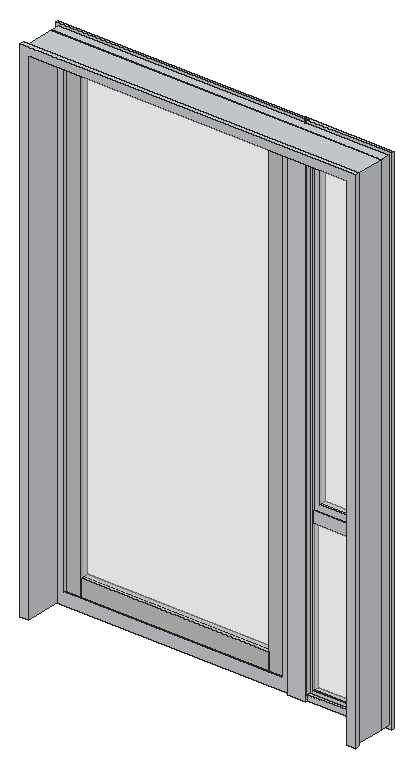
Revit family "APL Residential Thermal Heart Hinged Door with Sidelight", category Doors, host Wall, Revit 2017 (continued)
Definition of nested family "APL Residential Thermal Heart Sidelight Vertical Section"
  Definition of nested family "Frame Sash"
    Definition of nested family "65000_Frame"
      Lines and regions (mm)
        detail lines, in view "Ref. Level"
          curve 292: arc (-14.295, -0.043, 0) -> (-14.361, -0.181, 0) -> (-14.487, -0.268, 0) r 0.3
          curve 293: arc (0.482, -10.144, 0) -> (0.172, -10.004, 0) -> (0.009, -10.303, 0) r 0.25
          curve 294: arc (0.036, -20.191, 0) -> (0.198, -20.491, 0) -> (0.508, -20.351, 0) r 0.25
          curve 295: line (0.009, -10.303, 0) -> (1.003, -14.171, 0)
          curve 296: line (1.003, -14.171, 0) -> (0, -14.75, 0)
          curve 297: line (0, -14.75, 0) -> (0, -15.75, 0)
          curve 298: line (0, -15.75, 0) -> (1.025, -16.342, 0)
          curve 299: line (1.025, -16.342, 0) -> (0.036, -20.191, 0)
          curve 300: line (0.508, -20.351, 0) -> (2.232, -16.25, 0)
          curve 301: line (2.232, -16.25, 0) -> (3.5, -16.25, 0)
          curve 302: line (3.5, -16.25, 0) -> (3.5, -17.5, 0)
          curve 303: line (3.5, -17.5, 0) -> (4.5, -17.5, 0)
          curve 304: line (4.5, -17.5, 0) -> (4.5, -13, 0)
          curve 305: line (4.5, -13, 0) -> (3.5, -13, 0)
          curve 306: line (3.5, -13, 0) -> (3.5, -14.25, 0)
          curve 307: line (3.5, -14.25, 0) -> (2.208, -14.25, 0)
          curve 308: line (2.208, -14.25, 0) -> (0.482, -10.144, 0)
        detail lines, in view "Ref. Level", not visible
          curve 309: arc (33.161, -9.933, 0) -> (32.851, -9.793, 0) -> (32.689, -10.092, 0) r 0.25
          curve 310: arc (32.715, -19.98, 0) -> (32.877, -20.279, 0) -> (33.188, -20.139, 0) r 0.25
          curve 311: line (32.689, -10.092, 0) -> (33.683, -13.959, 0)
          curve 312: line (33.683, -13.959, 0) -> (32.679, -14.539, 0)
          curve 313: line (32.679, -14.539, 0) -> (32.679, -15.539, 0)
          curve 314: line (32.679, -15.539, 0) -> (33.705, -16.131, 0)
          curve 315: line (33.705, -16.131, 0) -> (32.715, -19.98, 0)
          curve 316: line (33.188, -20.139, 0) -> (34.912, -16.039, 0)
          curve 317: line (34.912, -16.039, 0) -> (36.179, -16.039, 0)
          curve 318: line (36.179, -16.039, 0) -> (36.179, -17.289, 0)
          curve 319: line (36.179, -17.289, 0) -> (37.179, -17.289, 0)
          curve 320: line (37.179, -17.289, 0) -> (37.179, -12.789, 0)
          curve 321: line (37.179, -12.789, 0) -> (36.179, -12.789, 0)
          curve 322: line (36.179, -12.789, 0) -> (36.179, -14.039, 0)
          curve 323: line (36.179, -14.039, 0) -> (34.887, -14.039, 0)
          curve 324: line (34.887, -14.039, 0) -> (33.161, -9.933, 0)
      Text (mm)
        text "65000" at (-42.674, -12.336, 0), in view "Ref. Level"
    Definition of nested family "65720_Sash"
      Reference planes
        plane 1 "Center (Front/Back)": y = 0
        plane 2: z = 0
        plane 3 "Center (Left/Right)": x = 0
      Lines and regions (mm)
        detail lines, in view "Ref. Level"
          curve 1: arc (-0.482, 17.85, 0) -> (-0.172, 17.71, 0) -> (-0.009, 18.009, 0) r 0.25
          curve 2: arc (-0.036, 27.897, 0) -> (-0.198, 28.196, 0) -> (-0.508, 28.056, 0) r 0.25
          curve 3: line (-0.009, 18.009, 0) -> (-1.003, 21.876, 0)
          curve 4: line (-1.003, 21.876, 0) -> (0, 22.455, 0)
          curve 5: line (0, 22.455, 0) -> (0, 23.455, 0)
          curve 6: line (0, 23.455, 0) -> (-1.025, 24.047, 0)
          curve 7: line (-1.025, 24.047, 0) -> (-0.036, 27.897, 0)
          curve 8: line (-0.508, 28.056, 0) -> (-2.232, 23.955, 0)
          curve 9: line (-2.232, 23.955, 0) -> (-3.5, 23.955, 0)
          curve 10: line (-3.5, 23.955, 0) -> (-3.5, 25.205, 0)
          curve 11: line (-3.5, 25.205, 0) -> (-4.5, 25.205, 0)
          curve 12: line (-4.5, 25.205, 0) -> (-4.5, 20.705, 0)
          curve 13: line (-4.5, 20.705, 0) -> (-3.5, 20.705, 0)
          curve 14: line (-3.5, 20.705, 0) -> (-3.5, 21.955, 0)
          curve 15: line (-3.5, 21.955, 0) -> (-2.208, 21.955, 0)
          curve 16: line (-2.208, 21.955, 0) -> (-0.482, 17.85, 0)
        detail lines, in view "Ref. Level", not visible
          curve 17: arc (33.161, -9.933, 0) -> (32.851, -9.793, 0) -> (32.689, -10.092, 0) r 0.25
          curve 18: arc (32.715, -19.98, 0) -> (32.877, -20.279, 0) -> (33.188, -20.139, 0) r 0.25
          curve 19: line (32.689, -10.092, 0) -> (33.683, -13.959, 0)
          curve 20: line (33.683, -13.959, 0) -> (32.679, -14.539, 0)
          curve 21: line (32.679, -14.539, 0) -> (32.679, -15.539, 0)
          curve 22: line (32.679, -15.539, 0) -> (33.705, -16.131, 0)
          curve 23: line (33.705, -16.131, 0) -> (32.715, -19.98, 0)
          curve 24: line (33.188, -20.139, 0) -> (34.912, -16.039, 0)
          curve 25: line (34.912, -16.039, 0) -> (36.179, -16.039, 0)
          curve 26: line (36.179, -16.039, 0) -> (36.179, -17.289, 0)
          curve 27: line (36.179, -17.289, 0) -> (37.179, -17.289, 0)
          curve 28: line (37.179, -17.289, 0) -> (37.179, -12.789, 0)
          curve 29: line (37.179, -12.789, 0) -> (36.179, -12.789, 0)
          curve 30: line (36.179, -12.789, 0) -> (36.179, -14.039, 0)
          curve 31: line (36.179, -14.039, 0) -> (34.887, -14.039, 0)
          curve 32: line (34.887, -14.039, 0) -> (33.161, -9.933, 0)
        model lines, in view "Ref. Level"
          curve 33: arc (17.915, 0.146, 0) -> (17.978, 0, 0) -> (17.915, -0.146, 0) r 0.2
          curve 34: arc (17.915, -0.146, 0) -> (17.682, -0.477, 0) -> (17.6, -0.874, 0) r 1
          curve 35: arc (17.6, -2.45, 0) -> (17.728, -2.668, 0) -> (17.98, -2.663, 0) r 0.25
          curve 36: arc (18.066, -2.611, 0) -> (18.172, -2.479, 0) -> (18.169, -2.309, 0) r 0.25
          curve 37: arc (19.422, -1.544, 0) -> (19.498, -1.511, 0) -> (19.579, -1.5, 0) r 0.3
          curve 38: arc (20.1, -1.5, 0) -> (20.258, -1.578, 0) -> (20.294, -1.75, 0) r 0.2
          curve 39: arc (20.1, -5.753, 0) -> (20.126, -5.875, 0) -> (20.2, -5.976, 0) r 0.3
          curve 40: arc (20.2, -5.976, 0) -> (20.28, -6.307, 0) -> (20, -6.5, 0) r 0.3
          curve 41: arc (17.779, -5.957, 0) -> (17.69, -5.905, 0) -> (17.638, -5.816, 0) r 0.2
          curve 42: arc (17.593, -5.648, 0) -> (17.452, -5.507, 0) -> (17.259, -5.559, 0) r 0.2
          curve 43: arc (16.895, -5.922, 0) -> (16.835, -6.008, 0) -> (16.808, -6.108, 0) r 0.3
          curve 44: arc (16.601, -8.474, 0) -> (16.717, -8.738, 0) -> (17.003, -8.782, 0) r 0.3
          curve 45: arc (18.413, -8.268, 0) -> (18.539, -8.181, 0) -> (18.605, -8.043, 0) r 0.3
          curve 46: arc (18.605, -8.043, 0) -> (18.878, -7.801, 0) -> (19.183, -8, 0) r 0.3
          curve 47: arc (38.5, -8, 0) -> (38.855, -8.145, 0) -> (39, -8.5, 0) r 0.496
          curve 48: arc (37.5, -13.6, 0) -> (36.793, -13.893, 0) -> (36.5, -14.6, 0) r 1
          curve 49: arc (36.5, -15.098, 0) -> (37, -15.599, 0) -> (37.5, -15.099, 0) r 0.5
          curve 50: arc (39.4, -19.8, 0) -> (39.1, -20.1, 0) -> (39.4, -20.4, 0) r 0.3
          curve 51: arc (37.5, -24.002, 0) -> (37.354, -23.647, 0) -> (37, -23.5, 0) r 0.5
          curve 52: arc (36.001, -23.5, 0) -> (35.859, -23.441, 0) -> (35.8, -23.3, 0) r 0.2
          curve 53: arc (35.8, -23.308, 0) -> (35.697, -23.003, 0) -> (35.429, -22.825, 0) r 0.5
          curve 54: arc (34.552, -22.589, 0) -> (34.378, -22.624, 0) -> (34.3, -22.783, 0) r 0.2
          curve 55: arc (34.52, -24.835, 0) -> (34.588, -24.953, 0) -> (34.717, -25, 0) r 0.2
          curve 56: arc (36, -26.8, 0) -> (36.059, -26.941, 0) -> (36.2, -27, 0) r 0.2
          curve 57: arc (40.6, -27, 0) -> (40.741, -26.941, 0) -> (40.8, -26.8, 0) r 0.2
          curve 58: arc (40.8, 9.2, 0) -> (40.2, 9.801, 0) -> (39.6, 9.2, 0) r 0.6
          curve 59: arc (34.719, 4.17, 0) -> (34.38, 4.303, 0) -> (34.221, 4.63, 0) r 0.5
          curve 60: arc (34.221, 4.63, 0) -> (34.008, 5.519, 0) -> (33.531, 6.299, 0) r 2.93
          curve 61: arc (33.531, 6.299, 0) -> (33.518, 6.54, 0) -> (33.747, 6.618, 0) r 0.2
          curve 62: arc (33.747, 6.618, 0) -> (34.115, 6.712, 0) -> (34.181, 7.087, 0) r 0.35
          curve 63: arc (34.181, 7.087, 0) -> (33.629, 7.751, 0) -> (32.801, 8, 0) r 1.498
          curve 64: arc (19.183, 8, 0) -> (18.878, 7.801, 0) -> (18.605, 8.043, 0) r 0.3
          curve 65: arc (18.605, 8.043, 0) -> (18.539, 8.181, 0) -> (18.413, 8.268, 0) r 0.3
          curve 66: arc (17.003, 8.782, 0) -> (16.717, 8.738, 0) -> (16.601, 8.474, 0) r 0.3
          curve 67: arc (16.808, 6.108, 0) -> (16.835, 6.008, 0) -> (16.895, 5.922, 0) r 0.3
          curve 68: arc (17.259, 5.559, 0) -> (17.452, 5.507, 0) -> (17.593, 5.648, 0) r 0.2
          curve 69: arc (17.638, 5.816, 0) -> (17.69, 5.905, 0) -> (17.779, 5.957, 0) r 0.2
          curve 70: arc (20, 6.5, 0) -> (20.28, 6.307, 0) -> (20.2, 5.976, 0) r 0.3
          curve 71: arc (20.2, 5.976, 0) -> (20.126, 5.875, 0) -> (20.1, 5.753, 0) r 0.3
          curve 72: arc (20.294, 1.75, 0) -> (20.258, 1.578, 0) -> (20.1, 1.5, 0) r 0.2
          curve 73: arc (19.579, 1.5, 0) -> (19.498, 1.511, 0) -> (19.423, 1.544, 0) r 0.3
          curve 74: arc (18.169, 2.309, 0) -> (18.172, 2.479, 0) -> (18.066, 2.611, 0) r 0.25
          curve 75: arc (17.98, 2.663, 0) -> (17.728, 2.668, 0) -> (17.6, 2.45, 0) r 0.25
          curve 76: arc (17.6, 0.874, 0) -> (17.682, 0.477, 0) -> (17.915, 0.146, 0) r 1
          curve 77: arc (28.892, 6.6, 0) -> (29.073, 6.485, 0) -> (29.046, 6.272, 0) r 0.2
          curve 78: arc (29.046, 6.272, 0) -> (28.37, 4.41, 0) -> (29.034, 2.543, 0) r 2.93
          curve 79: arc (29.034, 2.543, 0) -> (30.019, 2.445, 0) -> (30.116, 3.43, 0) r 0.7
          curve 80: arc (30.116, 3.43, 0) -> (29.77, 4.4, 0) -> (30.116, 5.37, 0) r 1.53
          curve 81: arc (30.116, 5.37, 0) -> (30.208, 5.514, 0) -> (30.262, 5.676, 0) r 0.7
          curve 82: arc (30.262, 5.676, 0) -> (30.359, 5.888, 0) -> (30.541, 6.032, 0) r 0.5
          curve 83: arc (30.541, 6.032, 0) -> (31.3, 6.2, 0) -> (32.059, 6.032, 0) r 1.8
          curve 84: arc (32.059, 6.032, 0) -> (32.241, 5.888, 0) -> (32.338, 5.676, 0) r 0.5
          curve 85: arc (32.338, 5.676, 0) -> (32.392, 5.514, 0) -> (32.484, 5.37, 0) r 0.7
          curve 86: arc (32.484, 5.37, 0) -> (32.83, 4.4, 0) -> (32.484, 3.43, 0) r 1.53
          curve 87: arc (32.484, 3.43, 0) -> (32.581, 2.445, 0) -> (33.566, 2.543, 0) r 0.7
          curve 88: arc (33.566, 2.543, 0) -> (33.647, 2.645, 0) -> (33.722, 2.751, 0) r 2.93
          curve 89: arc (33.722, 2.751, 0) -> (33.902, 2.912, 0) -> (34.135, 2.97, 0) r 0.5
          curve 90: arc (38.899, 2.97, 0) -> (39.253, 2.824, 0) -> (39.4, 2.47, 0) r 0.5
          curve 91: arc (39.4, -6.3, 0) -> (39.254, -6.654, 0) -> (38.9, -6.8, 0) r 0.5
          curve 92: arc (22.502, -6.8, 0) -> (22.147, -6.654, 0) -> (22, -6.3, 0) r 0.5
          curve 93: line (17.6, -0.874, 0) -> (17.6, -2.45, 0)
          curve 94: line (18.169, -2.309, 0) -> (19.422, -1.544, 0)
          curve 95: line (19.422, -1.544, 0) -> (20.1, -1.5, 0)
          curve 96: line (20.294, -1.75, 0) -> (20.106, -2.475, 0)
          curve 97: line (20.106, -2.475, 0) -> (20.1, -5.753, 0)
          curve 98: line (19.846, -6.5, 0) -> (17.779, -5.957, 0)
          curve 99: line (17.779, -5.957, 0) -> (17.593, -5.648, 0)
          curve 100: line (17.259, -5.559, 0) -> (16.895, -5.922, 0)
          curve 101: line (16.808, -6.108, 0) -> (16.601, -8.474, 0)
          curve 102: line (17.003, -8.782, 0) -> (18.413, -8.268, 0)
          curve 103: line (19.183, -8, 0) -> (38.5, -8, 0)
          curve 104: line (39, -8.5, 0) -> (39, -13.6, 0)
          curve 105: line (39, -13.6, 0) -> (37.5, -13.6, 0)
          curve 106: line (36.5, -14.6, 0) -> (36.5, -15.098, 0)
          curve 107: line (37.5, -15.099, 0) -> (37.5, -14.6, 0)
          curve 108: line (37.5, -14.6, 0) -> (39.4, -14.6, 0)
          curve 109: line (39.4, -14.6, 0) -> (39.4, -19.8, 0)
          curve 110: line (39.4, -20.4, 0) -> (39.4, -25.6, 0)
          curve 111: line (39.4, -25.6, 0) -> (37.5, -25.6, 0)
          curve 112: line (37.5, -25.6, 0) -> (37.5, -24.002, 0)
          curve 113: line (37, -23.5, 0) -> (36.001, -23.5, 0)
          curve 114: line (35.429, -22.825, 0) -> (34.552, -22.589, 0)
          curve 115: line (34.3, -22.783, 0) -> (34.3, -23.589, 0)
          curve 116: line (34.3, -23.589, 0) -> (34.52, -24.835, 0)
          curve 117: line (34.717, -25, 0) -> (36, -25, 0)
          curve 118: line (36, -25, 0) -> (36, -26.8, 0)
          curve 119: line (36.2, -27, 0) -> (40.6, -27, 0)
          curve 120: line (40.8, -26.8, 0) -> (40.8, 9.2, 0)
          curve 121: line (39.6, 9.2, 0) -> (39.6, 4.17, 0)
          curve 122: line (39.6, 4.17, 0) -> (34.719, 4.17, 0)
          curve 123: line (32.801, 8, 0) -> (24.7, 8, 0)
          curve 124: line (24.7, 8, 0) -> (24.3, 7.6, 0)
          curve 125: line (24.3, 7.6, 0) -> (23.9, 8, 0)
          curve 126: line (23.9, 8, 0) -> (19.183, 8, 0)
          curve 127: line (18.413, 8.268, 0) -> (17.003, 8.782, 0)
          curve 128: line (16.601, 8.474, 0) -> (16.808, 6.108, 0)
          curve 129: line (16.895, 5.922, 0) -> (17.259, 5.559, 0)
          curve 130: line (17.593, 5.648, 0) -> (17.638, 5.816, 0)
          curve 131: line (17.638, 5.816, 0) -> (19.768, 6.49, 0)
          curve 132: line (19.768, 6.49, 0) -> (20, 6.5, 0)
          curve 133: line (20.1, 5.753, 0) -> (20.1, 2.525, 0)
          curve 134: line (20.1, 2.525, 0) -> (20.294, 1.75, 0)
          curve 135: line (20.1, 1.5, 0) -> (19.579, 1.5, 0)
          curve 136: line (19.579, 1.5, 0) -> (18.169, 2.309, 0)
          curve 137: line (17.6, 2.45, 0) -> (17.6, 0.874, 0)
          curve 138: line (22.5, 6.6, 0) -> (28.892, 6.6, 0)
          curve 139: line (34.135, 2.97, 0) -> (38.899, 2.97, 0)
          curve 140: line (39.4, 2.47, 0) -> (39.4, -6.3, 0)
          curve 141: line (38.9, -6.8, 0) -> (22.502, -6.8, 0)
          curve 142: line (22, -6.3, 0) -> (22, 6.1, 0)
          curve 143: arc (22, 6.1, 0) -> (22.146, 6.454, 0) -> (22.5, 6.6, 0) r 0.5
          curve 144: arc (12.714, 14.359, 0) -> (13.138, 14.183, 0) -> (13.314, 13.759, 0) r 0.6
          curve 145: arc (13.633, 5.978, 0) -> (13.937, 5.291, 0) -> (14.633, 5.009, 0) r 1
          curve 146: arc (17.054, 5.009, 0) -> (17.364, 5.05, 0) -> (17.654, 5.17, 0) r 1.2
          curve 147: arc (19.714, 6.209, 0) -> (19.996, 6.092, 0) -> (20.114, 5.809, 0) r 0.4
          curve 148: arc (20.014, 4.834, 0) -> (19.955, 4.693, 0) -> (19.814, 4.634, 0) r 0.2
          curve 149: arc (19.617, 4.653, 0) -> (19.041, 4.615, 0) -> (18.764, 4.109, 0) r 0.6
          curve 150: arc (18.764, 4.109, 0) -> (19.041, 3.603, 0) -> (19.617, 3.565, 0) r 0.6
          curve 151: arc (19.814, 3.584, 0) -> (19.955, 3.525, 0) -> (20.014, 3.384, 0) r 0.2
          curve 152: arc (20.114, 2.409, 0) -> (19.996, 2.126, 0) -> (19.714, 2.009, 0) r 0.4
          curve 153: arc (17.654, 3.048, 0) -> (17.364, 3.168, 0) -> (17.054, 3.209, 0) r 1.2
          curve 154: arc (8.374, 3.209, 0) -> (8.063, 3.168, 0) -> (7.774, 3.048, 0) r 1.2
          curve 155: arc (5.714, 2.009, 0) -> (5.431, 2.126, 0) -> (5.314, 2.409, 0) r 0.4
          curve 156: arc (5.414, 3.384, 0) -> (5.472, 3.525, 0) -> (5.614, 3.584, 0) r 0.2
          curve 157: arc (5.81, 3.565, 0) -> (6.386, 3.603, 0) -> (6.664, 4.109, 0) r 0.6
          curve 158: arc (6.664, 4.109, 0) -> (6.386, 4.615, 0) -> (5.81, 4.653, 0) r 0.6
          curve 159: arc (5.614, 4.634, 0) -> (5.472, 4.693, 0) -> (5.414, 4.834, 0) r 0.2
          curve 160: arc (5.314, 5.809, 0) -> (5.431, 6.092, 0) -> (5.714, 6.209, 0) r 0.4
          curve 161: arc (7.774, 5.17, 0) -> (8.063, 5.05, 0) -> (8.374, 5.009, 0) r 1.2
          curve 162: arc (10.794, 5.009, 0) -> (11.49, 5.291, 0) -> (11.794, 5.978, 0) r 1
          curve 163: line (13.314, 13.759, 0) -> (13.633, 5.978, 0)
          curve 164: line (14.633, 5.009, 0) -> (16.946, 5.009, 0)
          curve 165: line (17.654, 5.17, 0) -> (18.414, 5.609, 0)
          curve 166: line (18.414, 5.609, 0) -> (19.407, 6.182, 0)
          curve 167: line (19.407, 6.182, 0) -> (19.714, 6.209, 0)
          curve 168: line (20.114, 5.809, 0) -> (20.114, 5.309, 0)
          curve 169: line (20.114, 5.309, 0) -> (20.014, 4.834, 0)
          curve 170: line (20.014, 3.384, 0) -> (20.014, 3.009, 0)
          curve 171: line (20.014, 3.009, 0) -> (20.114, 2.409, 0)
          curve 172: line (19.714, 2.009, 0) -> (19.507, 2.009, 0)
          curve 173: line (19.507, 2.009, 0) -> (18.414, 2.609, 0)
          curve 174: line (18.414, 2.609, 0) -> (17.654, 3.048, 0)
          curve 175: line (16.946, 3.209, 0) -> (12.714, 3.209, 0)
          curve 176: line (12.714, 3.209, 0) -> (8.374, 3.209, 0)
          curve 177: line (7.774, 3.048, 0) -> (6.02, 2.036, 0)
          curve 178: line (6.02, 2.036, 0) -> (5.714, 2.009, 0)
          curve 179: line (5.314, 2.409, 0) -> (5.314, 2.909, 0)
          curve 180: line (5.314, 2.909, 0) -> (5.414, 3.384, 0)
          curve 181: line (5.414, 4.834, 0) -> (5.414, 5.209, 0)
          curve 182: line (5.414, 5.209, 0) -> (5.314, 5.809, 0)
          curve 183: line (5.714, 6.209, 0) -> (5.92, 6.209, 0)
          curve 184: line (5.92, 6.209, 0) -> (7.774, 5.17, 0)
          curve 185: line (8.374, 5.009, 0) -> (10.794, 5.009, 0)
          curve 186: line (11.794, 5.978, 0) -> (12.114, 13.768, 0)
          curve 187: arc (12.114, 13.768, 0) -> (12.293, 14.187, 0) -> (12.714, 14.359, 0) r 0.6
          curve 188: arc (5.3, -2.4, 0) -> (5.417, -2.117, 0) -> (5.7, -2, 0) r 0.4
          curve 189: arc (5.993, -2, 0) -> (6.096, -2.014, 0) -> (6.193, -2.054, 0) r 0.4
          curve 190: arc (7.721, -2.939, 0) -> (8.011, -3.059, 0) -> (8.322, -3.1, 0) r 1.2
          curve 191: arc (9.245, -3.1, 0) -> (9.818, -3.281, 0) -> (10.184, -3.758, 0) r 1
          curve 192: arc (10.977, -5.937, 0) -> (11.124, -6.128, 0) -> (11.353, -6.2, 0) r 0.4
          curve 193: arc (14.047, -6.2, 0) -> (14.276, -6.128, 0) -> (14.423, -5.937, 0) r 0.4
          curve 194: arc (15.216, -3.758, 0) -> (15.582, -3.281, 0) -> (16.155, -3.1, 0) r 1
          curve 195: arc (17.078, -3.1, 0) -> (17.389, -3.059, 0) -> (17.679, -2.939, 0) r 1.2
          curve 196: arc (19.207, -2.054, 0) -> (19.304, -2.014, 0) -> (19.407, -2, 0) r 0.4
          curve 197: arc (19.7, -2, 0) -> (19.983, -2.117, 0) -> (20.1, -2.4, 0) r 0.4
          curve 198: arc (20.1, -5.8, 0) -> (19.983, -6.083, 0) -> (19.7, -6.2, 0) r 0.4
          curve 199: arc (19.407, -6.2, 0) -> (19.304, -6.186, 0) -> (19.207, -6.146, 0) r 0.4
          curve 200: arc (17.679, -5.261, 0) -> (17.385, -5.14, 0) -> (17.07, -5.1, 0) r 1.2
          curve 201: arc (17.07, -5.1, 0) -> (16.895, -5.153, 0) -> (16.784, -5.297, 0) r 0.3
          curve 202: arc (15.896, -7.737, 0) -> (15.749, -7.928, 0) -> (15.52, -8, 0) r 0.4
          curve 203: arc (9.88, -8, 0) -> (9.651, -7.928, 0) -> (9.504, -7.737, 0) r 0.4
          curve 204: arc (8.616, -5.297, 0) -> (8.505, -5.153, 0) -> (8.33, -5.1, 0) r 0.3
          curve 205: arc (8.33, -5.1, 0) -> (8.015, -5.14, 0) -> (7.721, -5.261, 0) r 1.2
          curve 206: arc (6.193, -6.146, 0) -> (6.096, -6.186, 0) -> (5.993, -6.2, 0) r 0.4
          curve 207: arc (5.7, -6.2, 0) -> (5.417, -6.083, 0) -> (5.3, -5.8, 0) r 0.4
          curve 208: line (5.7, -2, 0) -> (5.993, -2, 0)
          curve 209: line (6.193, -2.054, 0) -> (7.721, -2.939, 0)
          curve 210: line (8.322, -3.1, 0) -> (9.245, -3.1, 0)
          curve 211: line (10.184, -3.758, 0) -> (10.977, -5.937, 0)
          curve 212: line (11.353, -6.2, 0) -> (14.047, -6.2, 0)
          curve 213: line (14.423, -5.937, 0) -> (15.216, -3.758, 0)
          curve 214: line (16.155, -3.1, 0) -> (17.078, -3.1, 0)
          curve 215: line (17.679, -2.939, 0) -> (19.207, -2.054, 0)
          curve 216: line (19.407, -2, 0) -> (19.7, -2, 0)
          curve 217: line (20.1, -2.4, 0) -> (20.1, -5.8, 0)
          curve 218: line (19.7, -6.2, 0) -> (19.407, -6.2, 0)
          curve 219: line (19.207, -6.146, 0) -> (17.679, -5.261, 0)
          curve 220: line (16.784, -5.297, 0) -> (15.896, -7.737, 0)
          curve 221: line (15.52, -8, 0) -> (9.88, -8, 0)
          curve 222: line (9.504, -7.737, 0) -> (8.616, -5.297, 0)
          curve 223: line (7.721, -5.261, 0) -> (6.193, -6.146, 0)
          curve 224: line (5.993, -6.2, 0) -> (5.7, -6.2, 0)
          curve 225: line (5.3, -5.8, 0) -> (5.3, -2.4, 0)
          curve 226: arc (7.8, -0.874, 0) -> (7.718, -0.477, 0) -> (7.485, -0.146, 0) r 1
          curve 227: arc (7.485, -0.146, 0) -> (7.422, 0, 0) -> (7.485, 0.146, 0) r 0.2
          curve 228: arc (7.485, 0.146, 0) -> (7.718, 0.477, 0) -> (7.8, 0.874, 0) r 1
          curve 229: arc (7.8, 2.449, 0) -> (7.673, 2.668, 0) -> (7.42, 2.663, 0) r 0.25
          curve 230: arc (7.334, 2.611, 0) -> (7.228, 2.479, 0) -> (7.231, 2.309, 0) r 0.25
          curve 231: arc (5.977, 1.544, 0) -> (5.902, 1.511, 0) -> (5.821, 1.5, 0) r 0.3
          curve 232: arc (5.3, 1.5, 0) -> (5.142, 1.578, 0) -> (5.106, 1.75, 0) r 0.2
          curve 233: arc (5.3, 5.753, 0) -> (5.274, 5.875, 0) -> (5.2, 5.976, 0) r 0.3
          curve 234: arc (5.2, 5.976, 0) -> (5.12, 6.307, 0) -> (5.4, 6.5, 0) r 0.3
          curve 235: arc (7.621, 5.957, 0) -> (7.71, 5.905, 0) -> (7.762, 5.816, 0) r 0.2
          curve 236: arc (7.807, 5.648, 0) -> (7.948, 5.507, 0) -> (8.141, 5.559, 0) r 0.2
          curve 237: arc (8.505, 5.922, 0) -> (8.565, 6.008, 0) -> (8.592, 6.108, 0) r 0.3
          curve 238: arc (8.799, 8.474, 0) -> (8.683, 8.738, 0) -> (8.397, 8.782, 0) r 0.3
          curve 239: arc (6.987, 8.268, 0) -> (6.861, 8.181, 0) -> (6.795, 8.043, 0) r 0.3
          curve 240: arc (6.795, 8.043, 0) -> (6.522, 7.801, 0) -> (6.217, 8, 0) r 0.3
          curve 241: arc (-3.3, 8, 0) -> (-4.007, 8.293, 0) -> (-4.3, 9, 0) r 1
          curve 242: arc (-4.3, 18.8, 0) -> (-4.241, 18.941, 0) -> (-4.1, 19, 0) r 0.2
          curve 243: arc (-3.2, 19, 0) -> (-2.493, 19.293, 0) -> (-2.2, 20, 0) r 1
          curve 244: arc (-2.2, 20.751, 0) -> (-2.7, 21.252, 0) -> (-3.2, 20.751, 0) r 0.5
          curve 245: arc (-3.2, 24.751, 0) -> (-2.7, 24.249, 0) -> (-2.2, 24.751, 0) r 0.5
          curve 246: arc (-2.2, 25.501, 0) -> (-2.493, 26.207, 0) -> (-3.199, 26.5, 0) r 0.999
          curve 247: arc (-4.7, 26.5, 0) -> (-5.407, 26.207, 0) -> (-5.7, 25.5, 0) r 1
          curve 248: arc (-5.7, -14.454, 0) -> (-5.548, -15.22, 0) -> (-5.114, -15.869, 0) r 2
          curve 249: arc (5.959, -26.941, 0) -> (6.177, -26.985, 0) -> (6.3, -26.8, 0) r 0.2
          curve 250: arc (6.3, -22.85, 0) -> (6.241, -22.709, 0) -> (6.1, -22.65, 0) r 0.2
          curve 251: arc (5.501, -22.65, 0) -> (5.359, -22.708, 0) -> (5.3, -22.85, 0) r 0.2
          curve 252: arc (5.3, -23.2, 0) -> (5.241, -23.341, 0) -> (5.1, -23.4, 0) r 0.201
          curve 253: arc (4.497, -23.4, 0) -> (4.357, -23.341, 0) -> (4.3, -23.2, 0) r 0.198
          curve 254: arc (4.3, -20.1, 0) -> (4.358, -19.96, 0) -> (4.497, -19.9, 0) r 0.2
          curve 255: arc (5.1, -19.9, 0) -> (5.241, -19.959, 0) -> (5.3, -20.1, 0) r 0.2
          curve 256: arc (5.3, -20.45, 0) -> (5.359, -20.591, 0) -> (5.5, -20.65, 0) r 0.2
          curve 257: arc (6.1, -20.65, 0) -> (6.241, -20.591, 0) -> (6.3, -20.45, 0) r 0.2
          curve 258: arc (6.3, -19.092, 0) -> (6.244, -18.951, 0) -> (6.1, -18.9, 0) r 0.184
          curve 259: arc (6.217, -8, 0) -> (6.522, -7.801, 0) -> (6.795, -8.043, 0) r 0.3
          curve 260: arc (6.795, -8.043, 0) -> (6.861, -8.181, 0) -> (6.987, -8.268, 0) r 0.3
          curve 261: arc (8.397, -8.782, 0) -> (8.683, -8.738, 0) -> (8.799, -8.474, 0) r 0.3
          curve 262: arc (8.592, -6.108, 0) -> (8.565, -6.008, 0) -> (8.505, -5.922, 0) r 0.3
          curve 263: arc (8.141, -5.559, 0) -> (7.948, -5.507, 0) -> (7.807, -5.648, 0) r 0.2
          curve 264: arc (7.762, -5.816, 0) -> (7.71, -5.905, 0) -> (7.621, -5.957, 0) r 0.2
          curve 265: arc (5.4, -6.5, 0) -> (5.12, -6.307, 0) -> (5.2, -5.976, 0) r 0.3
          curve 266: arc (5.2, -5.976, 0) -> (5.274, -5.875, 0) -> (5.3, -5.753, 0) r 0.3
          curve 267: arc (5.106, -1.75, 0) -> (5.142, -1.578, 0) -> (5.3, -1.5, 0) r 0.2
          curve 268: arc (5.82, -1.5, 0) -> (5.902, -1.511, 0) -> (5.977, -1.544, 0) r 0.3
          curve 269: arc (7.231, -2.309, 0) -> (7.228, -2.479, 0) -> (7.334, -2.611, 0) r 0.25
          curve 270: arc (7.42, -2.663, 0) -> (7.672, -2.668, 0) -> (7.8, -2.45, 0) r 0.25
          curve 271: arc (-0.454, 6.272, 0) -> (-0.427, 6.485, 0) -> (-0.608, 6.6, 0) r 0.2
          curve 272: arc (-3.4, 6.6, 0) -> (-4.107, 6.307, 0) -> (-4.4, 5.6, 0) r 1
          curve 273: arc (-4.4, -2.447, 0) -> (-4.254, -2.802, 0) -> (-3.9, -2.949, 0) r 0.5
          curve 274: arc (-2.4, -2.949, 0) -> (-1.693, -3.242, 0) -> (-1.4, -3.949, 0) r 1
          curve 275: arc (-1.4, -4.449, 0) -> (-1.9, -4.949, 0) -> (-2.4, -4.449, 0) r 0.5
          curve 276: arc (-4, -3.949, 0) -> (-4.283, -4.067, 0) -> (-4.4, -4.349, 0) r 0.4
          curve 277: arc (-4.4, -9.05, 0) -> (-4, -9.45, 0) -> (-4.4, -9.85, 0) r 0.4
          curve 278: arc (-4.4, -14.452, 0) -> (-4.347, -14.721, 0) -> (-4.195, -14.949, 0) r 0.7
          curve 279: arc (-2.4, -14.449, 0) -> (-1.9, -13.949, 0) -> (-1.4, -14.449, 0) r 0.5
          curve 280: arc (-1.4, -15.007, 0) -> (-1.602, -15.609, 0) -> (-2.125, -15.969, 0) r 1
          curve 281: arc (-2.125, -15.969, 0) -> (-2.472, -16.324, 0) -> (-2.341, -16.803, 0) r 0.5
          curve 282: arc (2.959, -22.103, 0) -> (3.177, -22.146, 0) -> (3.3, -21.962, 0) r 0.2
          curve 283: line (7.8, 0.874, 0) -> (7.8, 2.449, 0)
          curve 284: line (7.231, 2.309, 0) -> (5.977, 1.544, 0)
          curve 285: line (5.977, 1.544, 0) -> (5.3, 1.5, 0)
          curve 286: line (5.106, 1.75, 0) -> (5.294, 2.475, 0)
          curve 287: line (5.294, 2.475, 0) -> (5.3, 5.753, 0)
          curve 288: line (5.554, 6.5, 0) -> (7.621, 5.957, 0)
          curve 289: line (7.621, 5.957, 0) -> (7.807, 5.648, 0)
          curve 290: line (8.141, 5.559, 0) -> (8.505, 5.922, 0)
          curve 291: line (8.592, 6.108, 0) -> (8.799, 8.474, 0)
          curve 292: line (8.397, 8.782, 0) -> (6.987, 8.268, 0)
          curve 293: line (6.217, 8, 0) -> (-3.3, 8, 0)
          curve 294: line (-4.3, 9, 0) -> (-4.3, 18.8, 0)
          curve 295: line (-4.1, 19, 0) -> (-3.2, 19, 0)
          curve 296: line (-2.2, 20, 0) -> (-2.2, 20.751, 0)
          curve 297: line (-3.2, 20.751, 0) -> (-3.2, 20, 0)
          curve 298: line (-3.2, 20, 0) -> (-4.7, 20, 0)
          curve 299: line (-4.7, 20, 0) -> (-4.7, 25.5, 0)
          curve 300: line (-4.7, 25.5, 0) -> (-3.2, 25.5, 0)
          curve 301: line (-3.2, 25.5, 0) -> (-3.2, 24.751, 0)
          curve 302: line (-2.2, 24.751, 0) -> (-2.2, 25.501, 0)
          curve 303: line (-3.199, 26.5, 0) -> (-4.7, 26.5, 0)
          curve 304: line (-5.7, 25.5, 0) -> (-5.7, -14.454, 0)
          curve 305: line (-5.114, -15.869, 0) -> (5.959, -26.941, 0)
          curve 306: line (6.3, -26.8, 0) -> (6.3, -22.85, 0)
          curve 307: line (6.1, -22.65, 0) -> (5.501, -22.65, 0)
          curve 308: line (5.3, -22.85, 0) -> (5.3, -23.2, 0)
          curve 309: line (5.1, -23.4, 0) -> (4.497, -23.4, 0)
          curve 310: line (4.3, -23.2, 0) -> (4.3, -20.1, 0)
          curve 311: line (4.497, -19.9, 0) -> (5.1, -19.9, 0)
          curve 312: line (5.3, -20.1, 0) -> (5.3, -20.45, 0)
          curve 313: line (5.5, -20.65, 0) -> (6.1, -20.65, 0)
          curve 314: line (6.3, -20.45, 0) -> (6.3, -19.092, 0)
          curve 315: line (6.1, -18.9, 0) -> (4.6, -18.9, 0)
          curve 316: line (4.6, -18.9, 0) -> (4.6, -8, 0)
          curve 317: line (4.6, -8, 0) -> (6.217, -8, 0)
          curve 318: line (6.987, -8.268, 0) -> (8.397, -8.782, 0)
          curve 319: line (8.799, -8.474, 0) -> (8.592, -6.108, 0)
          curve 320: line (8.505, -5.922, 0) -> (8.141, -5.559, 0)
          curve 321: line (7.807, -5.648, 0) -> (7.762, -5.816, 0)
          curve 322: line (7.762, -5.816, 0) -> (5.632, -6.49, 0)
          curve 323: line (5.632, -6.49, 0) -> (5.4, -6.5, 0)
          curve 324: line (5.3, -5.753, 0) -> (5.3, -2.525, 0)
          curve 325: line (5.3, -2.525, 0) -> (5.106, -1.75, 0)
          curve 326: line (5.3, -1.5, 0) -> (5.82, -1.5, 0)
          curve 327: line (5.821, -1.5, 0) -> (7.231, -2.309, 0)
          curve 328: line (7.8, -2.45, 0) -> (7.8, -0.874, 0)
          curve 329: line (-0.608, 6.6, 0) -> (-3.4, 6.6, 0)
          curve 330: line (-4.4, 5.6, 0) -> (-4.4, -2.447, 0)
          curve 331: line (-3.9, -2.949, 0) -> (-2.4, -2.949, 0)
          curve 332: line (-1.4, -3.949, 0) -> (-1.4, -4.449, 0)
          curve 333: line (-2.4, -4.449, 0) -> (-2.4, -3.949, 0)
          curve 334: line (-2.4, -3.949, 0) -> (-4, -3.949, 0)
          curve 335: line (-4.4, -4.349, 0) -> (-4.4, -9.05, 0)
          curve 336: line (-4.4, -9.85, 0) -> (-4.4, -14.452, 0)
          curve 337: line (-4.195, -14.949, 0) -> (-2.4, -14.949, 0)
          curve 338: line (-2.4, -14.949, 0) -> (-2.4, -14.449, 0)
          curve 339: line (-1.4, -14.449, 0) -> (-1.4, -15.007, 0)
          curve 340: line (-2.341, -16.803, 0) -> (2.959, -22.103, 0)
          curve 341: line (3.3, -21.962, 0) -> (3.3, 2.193, 0)
          curve 342: arc (3.3, 2.193, 0) -> (3.272, 2.296, 0) -> (3.194, 2.37, 0) r 0.2
          curve 343: arc (3.194, 2.37, 0) -> (2.838, 2.85, 0) -> (2.984, 3.43, 0) r 0.7
          curve 344: arc (2.984, 3.43, 0) -> (3.33, 4.4, 0) -> (2.984, 5.37, 0) r 1.53
          curve 345: arc (2.984, 5.37, 0) -> (2.892, 5.514, 0) -> (2.838, 5.676, 0) r 0.7
          curve 346: arc (2.838, 5.676, 0) -> (2.741, 5.888, 0) -> (2.559, 6.032, 0) r 0.5
          curve 347: arc (2.559, 6.032, 0) -> (1.8, 6.2, 0) -> (1.041, 6.032, 0) r 1.8
          curve 348: arc (1.041, 6.032, 0) -> (0.859, 5.888, 0) -> (0.762, 5.676, 0) r 0.5
          curve 349: arc (0.762, 5.676, 0) -> (0.708, 5.514, 0) -> (0.616, 5.37, 0) r 0.7
          curve 350: arc (0.616, 5.37, 0) -> (0.27, 4.4, 0) -> (0.616, 3.43, 0) r 1.53
          curve 351: arc (0.616, 3.43, 0) -> (0.519, 2.445, 0) -> (-0.466, 2.543, 0) r 0.7
          curve 352: arc (-0.466, 2.543, 0) -> (-1.13, 4.41, 0) -> (-0.454, 6.272, 0) r 2.93
      Text (mm)
        text "65720" at (33.241, 33.025, 0), in view "Ref. Level"
  Definition of nested family "Glass"
    Parameters (values of type "Glass")
      Glass Lenght [instance] = 50 mm
    Reference planes
      plane 1 "Center (Front/Back)": y = 0
      plane 2: z = 0
      plane 3 "Center (Left/Right)": x = 0
      plane 4: y = -50
    Lines and regions (mm)
      Filled region 1, type "Solid Fill - Black", in view "Ref. Level"
        outline origin (0, 0, 0) x (1, 0, 0) y (0, 1, 0)
          loop
            line (4, 0) -> (4, -12) -> (20, -12) -> (20, 0) -> (4, 0)
      model lines, in view "Ref. Level"
        curve 1: line (4, -12, 0) -> (20, -12, 0)
        curve 2: line (0, -50, 0) -> (0, 0, 0)
        curve 3: line (0, 0, 0) -> (24, 0, 0)
        curve 4: line (24, 0, 0) -> (24, -50, 0)
        curve 5: line (20, 0, 0) -> (20, -50, 0)
        curve 6: line (4, 0, 0) -> (4, -50, 0)
      detail lines, in view "Ref. Level"
        curve 7: arc (-0.25, -4.9, 0) -> (0, -5.15, 0) -> (-0.25, -5.4, 0) r 0.25
        curve 8: arc (-0.25, -8.45, 0) -> (0, -8.7, 0) -> (-0.25, -8.95, 0) r 0.25
        curve 9: arc (-0.25, -9.619, 0) -> (0, -9.869, 0) -> (-0.25, -10.119, 0) r 0.25
        curve 10: arc (-0.25, -10.787, 0) -> (0, -11.037, 0) -> (-0.25, -11.287, 0) r 0.25
        curve 11: line (-0.25, -12.456, 0) -> (-1, -12.456, 0)
        curve 12: line (-1, -12.456, 0) -> (-1, -8.45, 0)
        curve 13: line (-1, -8.45, 0) -> (-2.2, -8.45, 0)
        curve 14: line (-2.2, -8.45, 0) -> (-2.2, -9.2, 0)
        curve 15: line (-2.2, -9.2, 0) -> (-2.8, -9.2, 0)
        curve 16: line (-2.8, -9.2, 0) -> (-2.8, -6.1, 0)
        curve 17: line (-2.8, -6.1, 0) -> (-2.2, -6.1, 0)
        curve 18: line (-2.2, -6.1, 0) -> (-2.2, -6.85, 0)
        curve 19: line (-2.2, -6.85, 0) -> (-1, -6.85, 0)
        curve 20: line (-1, -6.85, 0) -> (-1, -4.9, 0)
        curve 21: line (-1, -4.9, 0) -> (-0.25, -4.9, 0)
        curve 22: line (-0.25, -5.4, 0) -> (-0.25, -8.45, 0)
        curve 23: line (-0.25, -8.95, 0) -> (-0.25, -9.619, 0)
        curve 24: line (-0.25, -10.119, 0) -> (-0.25, -10.787, 0)
        curve 25: line (-0.25, -11.287, 0) -> (-0.25, -11.956, 0)
        curve 26: arc (-0.25, -11.956, 0) -> (0, -12.206, 0) -> (-0.25, -12.456, 0) r 0.25
        curve 27: arc (25, -10.728, 0) -> (24.979, -10.828, 0) -> (24.92, -10.912, 0) r 0.25
        curve 28: arc (24.161, -11.614, 0) -> (24.042, -11.78, 0) -> (24, -11.981, 0) r 0.5
        curve 29: arc (24, -13.404, 0) -> (24.088, -13.594, 0) -> (24.289, -13.651, 0) r 0.25
        curve 30: arc (28.489, -12.997, 0) -> (28.647, -12.904, 0) -> (28.699, -12.728, 0) r 0.25
        curve 31: arc (27.5, -8.1, 0) -> (27.711, -7.984, 0) -> (27.727, -7.744, 0) r 0.25
        curve 32: arc (26.033, -4.114, 0) -> (25.642, -3.858, 0) -> (25.24, -4.095, 0) r 0.442
        curve 33: arc (24.864, -4.812, 0) -> (24.414, -5.357, 0) -> (24.052, -5.964, 0) r 4.62
        curve 34: arc (24.052, -5.964, 0) -> (24.013, -6.073, 0) -> (24, -6.187, 0) r 0.5
        curve 35: arc (24, -6.743, 0) -> (24.132, -6.931, 0) -> (24.353, -6.871, 0) r 0.2
        curve 36: arc (24.353, -6.871, 0) -> (24.514, -6.711, 0) -> (24.702, -6.581, 0) r 1.262
        curve 37: arc (24.702, -6.581, 0) -> (24.901, -6.583, 0) -> (25, -6.756, 0) r 0.2
        curve 38: arc (25, -7.353, 0) -> (24.962, -7.543, 0) -> (24.855, -7.705, 0) r 0.5
        curve 39: arc (24.855, -7.705, 0) -> (24.408, -8.237, 0) -> (24.051, -8.833, 0) r 4.3
        curve 40: arc (24.051, -8.833, 0) -> (24.013, -8.941, 0) -> (24, -9.054, 0) r 0.5
        curve 41: arc (24, -9.668, 0) -> (24.137, -9.858, 0) -> (24.361, -9.787, 0) r 0.2
        curve 42: arc (24.361, -9.787, 0) -> (24.512, -9.617, 0) -> (24.69, -9.476, 0) r 1.288
        curve 43: arc (24.69, -9.476, 0) -> (24.895, -9.467, 0) -> (25, -9.643, 0) r 0.2
        curve 44: line (24.92, -10.912, 0) -> (24.161, -11.614, 0)
        curve 45: line (24, -11.981, 0) -> (24, -13.404, 0)
        curve 46: line (24.289, -13.651, 0) -> (28.489, -12.997, 0)
        curve 47: line (28.699, -12.728, 0) -> (28.548, -11, 0)
        curve 48: line (28.548, -11, 0) -> (27, -11, 0)
        curve 49: line (27, -11, 0) -> (27, -8.1, 0)
        curve 50: line (27, -8.1, 0) -> (27.5, -8.1, 0)
        curve 51: line (27.727, -7.744, 0) -> (26.033, -4.114, 0)
        curve 52: line (25.24, -4.095, 0) -> (24.864, -4.812, 0)
        curve 53: line (24, -6.187, 0) -> (24, -6.743, 0)
        curve 54: line (25, -6.756, 0) -> (25, -7.353, 0)
        curve 55: line (24, -9.054, 0) -> (24, -9.668, 0)
        curve 56: line (25, -9.643, 0) -> (25, -10.728, 0)
      detail lines, in view "Ref. Level", not visible
        curve 57: arc (-0.25, -4.9, 0) -> (0, -5.15, 0) -> (-0.25, -5.4, 0) r 0.25
        curve 58: arc (-0.25, -8.45, 0) -> (0, -8.7, 0) -> (-0.25, -8.95, 0) r 0.25
        curve 59: arc (-0.25, -9.619, 0) -> (0, -9.869, 0) -> (-0.25, -10.119, 0) r 0.25
        curve 60: arc (-0.25, -10.787, 0) -> (0, -11.037, 0) -> (-0.25, -11.287, 0) r 0.25
        curve 61: line (-0.25, -12.456, 0) -> (-1, -12.456, 0)
        curve 62: line (-1, -12.456, 0) -> (-1, -8.45, 0)
        curve 63: line (-1, -8.45, 0) -> (-2.2, -8.45, 0)
        curve 64: line (-2.2, -8.45, 0) -> (-2.2, -9.2, 0)
        curve 65: line (-2.2, -9.2, 0) -> (-2.8, -9.2, 0)
        curve 66: line (-2.8, -9.2, 0) -> (-2.8, -6.1, 0)
        curve 67: line (-2.8, -6.1, 0) -> (-2.2, -6.1, 0)
        curve 68: line (-2.2, -6.1, 0) -> (-2.2, -6.85, 0)
        curve 69: line (-2.2, -6.85, 0) -> (-1, -6.85, 0)
        curve 70: line (-1, -6.85, 0) -> (-1, -4.9, 0)
        curve 71: line (-1, -4.9, 0) -> (-0.25, -4.9, 0)
        curve 72: line (-0.25, -5.4, 0) -> (-0.25, -8.45, 0)
        curve 73: line (-0.25, -8.95, 0) -> (-0.25, -9.619, 0)
        curve 74: line (-0.25, -10.119, 0) -> (-0.25, -10.787, 0)
        curve 75: line (-0.25, -11.287, 0) -> (-0.25, -11.956, 0)
        curve 76: arc (-0.25, -11.956, 0) -> (0, -12.206, 0) -> (-0.25, -12.456, 0) r 0.25
        curve 77: arc (25, -10.728, 0) -> (24.979, -10.828, 0) -> (24.92, -10.912, 0) r 0.25
        curve 78: arc (24.161, -11.614, 0) -> (24.042, -11.78, 0) -> (24, -11.981, 0) r 0.5
        curve 79: arc (24, -13.404, 0) -> (24.088, -13.594, 0) -> (24.289, -13.651, 0) r 0.25
        curve 80: arc (28.489, -12.997, 0) -> (28.647, -12.904, 0) -> (28.699, -12.728, 0) r 0.25
        curve 81: arc (27.5, -8.1, 0) -> (27.711, -7.984, 0) -> (27.727, -7.744, 0) r 0.25
        curve 82: arc (26.033, -4.114, 0) -> (25.642, -3.858, 0) -> (25.24, -4.095, 0) r 0.442
        curve 83: arc (24.864, -4.812, 0) -> (24.414, -5.357, 0) -> (24.052, -5.964, 0) r 4.62
        curve 84: arc (24.052, -5.964, 0) -> (24.013, -6.073, 0) -> (24, -6.187, 0) r 0.5
        curve 85: arc (24, -6.743, 0) -> (24.132, -6.931, 0) -> (24.353, -6.871, 0) r 0.2
        curve 86: arc (24.353, -6.871, 0) -> (24.514, -6.711, 0) -> (24.702, -6.581, 0) r 1.262
        curve 87: arc (24.702, -6.581, 0) -> (24.901, -6.583, 0) -> (25, -6.756, 0) r 0.2
        curve 88: arc (25, -7.353, 0) -> (24.962, -7.543, 0) -> (24.855, -7.705, 0) r 0.5
        curve 89: arc (24.855, -7.705, 0) -> (24.408, -8.237, 0) -> (24.051, -8.833, 0) r 4.3
        curve 90: arc (24.051, -8.833, 0) -> (24.013, -8.941, 0) -> (24, -9.054, 0) r 0.5
        curve 91: arc (24, -9.668, 0) -> (24.137, -9.858, 0) -> (24.361, -9.787, 0) r 0.2
        curve 92: arc (24.361, -9.787, 0) -> (24.512, -9.617, 0) -> (24.69, -9.476, 0) r 1.288
        curve 93: arc (24.69, -9.476, 0) -> (24.895, -9.467, 0) -> (25, -9.643, 0) r 0.2
        curve 94: line (24.92, -10.912, 0) -> (24.161, -11.614, 0)
        curve 95: line (24, -11.981, 0) -> (24, -13.404, 0)
        curve 96: line (24.289, -13.651, 0) -> (28.489, -12.997, 0)
        curve 97: line (28.699, -12.728, 0) -> (28.548, -11, 0)
        curve 98: line (28.548, -11, 0) -> (27, -11, 0)
        curve 99: line (27, -11, 0) -> (27, -8.1, 0)
        curve 100: line (27, -8.1, 0) -> (27.5, -8.1, 0)
        curve 101: line (27.727, -7.744, 0) -> (26.033, -4.114, 0)
        curve 102: line (25.24, -4.095, 0) -> (24.864, -4.812, 0)
        curve 103: line (24, -6.187, 0) -> (24, -6.743, 0)
        curve 104: line (25, -6.756, 0) -> (25, -7.353, 0)
        curve 105: line (24, -9.054, 0) -> (24, -9.668, 0)
        curve 106: line (25, -9.643, 0) -> (25, -10.728, 0)
    Dimensions and locks
      "Glass Lenght": plane 1 "Center (Front/Back)" to plane 4
      aligned and locked: plane 4 to curve 2
      aligned and locked: plane 1 "Center (Front/Back)" to Filled region 1 sketch curve
      aligned and locked: Filled region 1 sketch curve to curve 6
      aligned and locked: Filled region 1 sketch curve to curve 1
      aligned and locked: Filled region 1 sketch curve to curve 5
    Automatic sketch dimensions
      plane 1 "Center (Front/Back)" to curve 2 = 0 mm
      curve 2 to plane 3 "Center (Left/Right)" = 0 mm
      curve 6 to plane 4 = 0 mm
      curve 5 to plane 4 = 0 mm
      curve 4 to plane 4 = 0 mm
      curve 5 to curve 3 = 4 mm
      curve 1 to curve 1 = 16 mm
      plane 1 "Center (Front/Back)" to curve 1 = 12 mm
      plane 3 "Center (Left/Right)" to curve 6 = 4 mm
  Definition of nested family "65000_Frame"
    Reference planes
      plane 1 "Center (Front/Back)": y = 0
      plane 2: z = 0
      plane 3 "Center (Left/Right)": x = 0
    Lines and regions (mm)
      detail lines, in view "Ref. Level"
        curve 1: arc (-24.395, 2.078, 0) -> (-24.335, 1.992, 0) -> (-24.308, 1.892, 0) r 0.3
        curve 2: arc (-24.101, -0.474, 0) -> (-24.217, -0.738, 0) -> (-24.503, -0.782, 0) r 0.3
        curve 3: arc (-25.913, -0.268, 0) -> (-26.039, -0.181, 0) -> (-26.105, -0.043, 0) r 0.3
        curve 4: arc (-26.105, -0.043, 0) -> (-26.378, 0.199, 0) -> (-26.683, 0, 0) r 0.3
        curve 5: arc (-30.8, 0, 0) -> (-30.941, 0.059, 0) -> (-31, 0.2, 0) r 0.2
        curve 6: arc (-31, 0.5, 0) -> (-30.92, 0.8, 0) -> (-30.7, 1.02, 0) r 0.6
        curve 7: arc (-29.6, 1.655, 0) -> (-29.527, 1.728, 0) -> (-29.5, 1.828, 0) r 0.2
        curve 8: arc (-29.5, 18.699, 0) -> (-29.792, 19.407, 0) -> (-30.5, 19.7, 0) r 1
        curve 9: arc (-32.564, 19.7, 0) -> (-32.756, 19.662, 0) -> (-32.918, 19.554, 0) r 0.5
        curve 10: arc (-38.263, 14.209, 0) -> (-38.473, 13.9, 0) -> (-38.555, 13.537, 0) r 1
        curve 11: arc (-38.978, 1.065, 0) -> (-38.943, 0.948, 0) -> (-38.847, 0.873, 0) r 0.2
        curve 12: arc (-38.847, 0.873, 0) -> (-38.679, 0.766, 0) -> (-38.575, 0.597, 0) r 0.45
        curve 13: arc (-38.575, 0.597, 0) -> (-38.571, 0.478, 0) -> (-38.635, 0.379, 0) r 0.2
        curve 14: arc (-40.1, 0, 0) -> (-40.241, 0.059, 0) -> (-40.3, 0.2, 0) r 0.2
        curve 15: arc (-40.3, 13.757, 0) -> (-40.072, 14.905, 0) -> (-39.421, 15.879, 0) r 3
        curve 16: arc (-35.179, 20.121, 0) -> (-34.528, 21.095, 0) -> (-34.3, 22.243, 0) r 3
        curve 17: arc (-34.3, 35, 0) -> (-34.007, 35.707, 0) -> (-33.3, 36, 0) r 1
        curve 18: arc (-27.508, 36, 0) -> (-27.361, 35.944, 0) -> (-27.3, 35.8, 0) r 0.2
        curve 19: arc (-27.3, 35, 0) -> (-27.359, 34.859, 0) -> (-27.5, 34.8, 0) r 0.2
        curve 20: arc (-27.795, 34.8, 0) -> (-28.23, 34.547, 0) -> (-28.224, 34.044, 0) r 0.5
        curve 21: arc (-28.224, 34.044, 0) -> (-27.807, 32.297, 0) -> (-28.463, 30.624, 0) r 3
        curve 22: arc (-28.463, 30.624, 0) -> (-29.5, 30.512, 0) -> (-29.612, 31.549, 0) r 0.737
        curve 23: arc (-29.612, 31.549, 0) -> (-29.275, 32.505, 0) -> (-29.612, 33.461, 0) r 1.525
        curve 24: arc (-29.612, 33.461, 0) -> (-29.706, 33.612, 0) -> (-29.761, 33.78, 0) r 0.737
        curve 25: arc (-29.761, 33.78, 0) -> (-29.858, 33.992, 0) -> (-30.04, 34.137, 0) r 0.5
        curve 26: arc (-30.04, 34.137, 0) -> (-30.8, 34.305, 0) -> (-31.56, 34.136, 0) r 1.8
        curve 27: arc (-31.56, 34.136, 0) -> (-31.742, 33.992, 0) -> (-31.839, 33.781, 0) r 0.5
        curve 28: arc (-31.839, 33.781, 0) -> (-31.894, 33.613, 0) -> (-31.987, 33.462, 0) r 0.75
        curve 29: arc (-31.987, 33.462, 0) -> (-32.325, 32.505, 0) -> (-31.987, 31.548, 0) r 1.525
        curve 30: arc (-31.987, 31.548, 0) -> (-31.943, 30.677, 0) -> (-32.752, 30.353, 0) r 0.75
        curve 31: arc (-32.752, 30.353, 0) -> (-32.923, 30.316, 0) -> (-33, 30.159, 0) r 0.2
        curve 32: arc (-33, 22.7, 0) -> (-32.853, 22.346, 0) -> (-32.5, 22.2, 0) r 0.5
        curve 33: arc (-30.5, 22.2, 0) -> (-28.025, 21.175, 0) -> (-27, 18.7, 0) r 3.5
        curve 34: arc (-27, 16.2, 0) -> (-26.941, 16.059, 0) -> (-26.8, 16, 0) r 0.2
        curve 35: arc (-26.683, 16, 0) -> (-26.378, 15.801, 0) -> (-26.105, 16.043, 0) r 0.3
        curve 36: arc (-26.105, 16.043, 0) -> (-26.039, 16.181, 0) -> (-25.913, 16.268, 0) r 0.3
        curve 37: arc (-24.503, 16.782, 0) -> (-24.217, 16.738, 0) -> (-24.101, 16.474, 0) r 0.3
        curve 38: arc (-24.308, 14.108, 0) -> (-24.335, 14.008, 0) -> (-24.395, 13.922, 0) r 0.3
        curve 39: arc (-24.759, 13.559, 0) -> (-24.952, 13.507, 0) -> (-25.093, 13.648, 0) r 0.2
        curve 40: arc (-25.138, 13.816, 0) -> (-25.19, 13.905, 0) -> (-25.279, 13.957, 0) r 0.2
        curve 41: arc (-27.5, 14.5, 0) -> (-27.78, 14.307, 0) -> (-27.7, 13.976, 0) r 0.3
        curve 42: arc (-27.7, 13.976, 0) -> (-27.626, 13.875, 0) -> (-27.6, 13.753, 0) r 0.3
        curve 43: arc (-27.794, 9.75, 0) -> (-27.758, 9.578, 0) -> (-27.6, 9.5, 0) r 0.2
        curve 44: arc (-27.079, 9.5, 0) -> (-26.998, 9.511, 0) -> (-26.923, 9.544, 0) r 0.3
        curve 45: arc (-25.669, 10.309, 0) -> (-25.672, 10.479, 0) -> (-25.566, 10.611, 0) r 0.25
        curve 46: arc (-25.48, 10.663, 0) -> (-25.228, 10.668, 0) -> (-25.1, 10.45, 0) r 0.25
        curve 47: arc (-25.1, 8.875, 0) -> (-25.182, 8.478, 0) -> (-25.415, 8.146, 0) r 1
        curve 48: arc (-25.415, 8.146, 0) -> (-25.478, 8, 0) -> (-25.415, 7.854, 0) r 0.2
        curve 49: arc (-25.415, 7.854, 0) -> (-25.182, 7.523, 0) -> (-25.1, 7.126, 0) r 1
        curve 50: arc (-25.1, 5.55, 0) -> (-25.227, 5.332, 0) -> (-25.48, 5.337, 0) r 0.25
        curve 51: arc (-25.566, 5.389, 0) -> (-25.672, 5.521, 0) -> (-25.669, 5.691, 0) r 0.25
        curve 52: arc (-26.923, 6.456, 0) -> (-26.998, 6.489, 0) -> (-27.079, 6.5, 0) r 0.3
        curve 53: arc (-27.6, 6.5, 0) -> (-27.758, 6.422, 0) -> (-27.794, 6.25, 0) r 0.2
        curve 54: arc (-27.6, 2.247, 0) -> (-27.626, 2.125, 0) -> (-27.7, 2.024, 0) r 0.3
        curve 55: arc (-27.7, 2.024, 0) -> (-27.78, 1.693, 0) -> (-27.5, 1.5, 0) r 0.3
        curve 56: arc (-25.279, 2.043, 0) -> (-25.19, 2.095, 0) -> (-25.138, 2.184, 0) r 0.2
        curve 57: arc (-25.093, 2.352, 0) -> (-24.952, 2.493, 0) -> (-24.759, 2.441, 0) r 0.2
        curve 58: line (-24.308, 1.892, 0) -> (-24.101, -0.474, 0)
        curve 59: line (-24.503, -0.782, 0) -> (-25.913, -0.268, 0)
        curve 60: line (-26.683, 0, 0) -> (-30.8, 0, 0)
        curve 61: line (-31, 0.2, 0) -> (-31, 0.5, 0)
        curve 62: line (-30.7, 1.02, 0) -> (-29.6, 1.655, 0)
        curve 63: line (-29.5, 1.828, 0) -> (-29.5, 18.699, 0)
        curve 64: line (-30.5, 19.7, 0) -> (-32.564, 19.7, 0)
        curve 65: line (-32.918, 19.554, 0) -> (-38.263, 14.209, 0)
        curve 66: line (-38.555, 13.537, 0) -> (-38.958, 2, 0)
        curve 67: line (-38.958, 2, 0) -> (-38.978, 1.065, 0)
        curve 68: line (-38.635, 0.379, 0) -> (-39.031, 0.047, 0)
        curve 69: line (-39.031, 0.047, 0) -> (-40.1, 0, 0)
        curve 70: line (-40.3, 0.2, 0) -> (-40.3, 13.757, 0)
        curve 71: line (-39.421, 15.879, 0) -> (-35.179, 20.121, 0)
        curve 72: line (-34.3, 22.243, 0) -> (-34.3, 35, 0)
        curve 73: line (-33.3, 36, 0) -> (-27.508, 36, 0)
        curve 74: line (-27.3, 35.8, 0) -> (-27.3, 35, 0)
        curve 75: line (-27.5, 34.8, 0) -> (-27.795, 34.8, 0)
        curve 76: line (-33, 30.159, 0) -> (-33, 22.7, 0)
        curve 77: line (-32.5, 22.2, 0) -> (-30.5, 22.2, 0)
        curve 78: line (-27, 18.7, 0) -> (-27, 16.2, 0)
        curve 79: line (-25.913, 16.268, 0) -> (-24.503, 16.782, 0)
        curve 80: line (-24.101, 16.474, 0) -> (-24.308, 14.108, 0)
        curve 81: line (-24.395, 13.922, 0) -> (-24.759, 13.559, 0)
        curve 82: line (-25.093, 13.648, 0) -> (-25.138, 13.816, 0)
        curve 83: line (-25.138, 13.816, 0) -> (-27.268, 14.49, 0)
        curve 84: line (-27.268, 14.49, 0) -> (-27.5, 14.5, 0)
        curve 85: line (-27.6, 13.753, 0) -> (-27.6, 10.525, 0)
        curve 86: line (-27.6, 10.525, 0) -> (-27.794, 9.75, 0)
        curve 87: line (-27.6, 9.5, 0) -> (-27.079, 9.5, 0)
        curve 88: line (-27.079, 9.5, 0) -> (-25.669, 10.309, 0)
        curve 89: line (-25.1, 10.45, 0) -> (-25.1, 8.875, 0)
        curve 90: line (-25.1, 7.126, 0) -> (-25.1, 5.55, 0)
        curve 91: line (-25.669, 5.691, 0) -> (-26.923, 6.456, 0)
        curve 92: line (-26.923, 6.456, 0) -> (-27.6, 6.5, 0)
        curve 93: line (-27.794, 6.25, 0) -> (-27.606, 5.525, 0)
        curve 94: line (-27.606, 5.525, 0) -> (-27.6, 2.247, 0)
        curve 95: line (-27.346, 1.5, 0) -> (-25.279, 2.043, 0)
        curve 96: line (-25.279, 2.043, 0) -> (-25.093, 2.352, 0)
        curve 97: line (-24.759, 2.441, 0) -> (-24.395, 2.078, 0)
        curve 98: arc (-27.6, 5.6, 0) -> (-27.483, 5.883, 0) -> (-27.2, 6, 0) r 0.4
        curve 99: arc (-26.907, 6, 0) -> (-26.804, 5.986, 0) -> (-26.707, 5.946, 0) r 0.4
        curve 100: arc (-25.179, 5.061, 0) -> (-24.889, 4.941, 0) -> (-24.578, 4.9, 0) r 1.2
        curve 101: arc (-23.655, 4.9, 0) -> (-23.082, 4.719, 0) -> (-22.716, 4.242, 0) r 1
        curve 102: arc (-21.923, 2.063, 0) -> (-21.776, 1.872, 0) -> (-21.547, 1.8, 0) r 0.4
        curve 103: arc (-18.853, 1.8, 0) -> (-18.624, 1.872, 0) -> (-18.477, 2.063, 0) r 0.4
        curve 104: arc (-17.684, 4.242, 0) -> (-17.318, 4.719, 0) -> (-16.745, 4.9, 0) r 1
        curve 105: arc (-15.822, 4.9, 0) -> (-15.511, 4.941, 0) -> (-15.221, 5.061, 0) r 1.2
        curve 106: arc (-13.693, 5.946, 0) -> (-13.596, 5.986, 0) -> (-13.493, 6, 0) r 0.4
        curve 107: arc (-13.2, 6, 0) -> (-12.917, 5.883, 0) -> (-12.8, 5.6, 0) r 0.4
        curve 108: arc (-12.8, 2.2, 0) -> (-12.917, 1.917, 0) -> (-13.2, 1.8, 0) r 0.4
        curve 109: arc (-13.493, 1.8, 0) -> (-13.596, 1.814, 0) -> (-13.693, 1.854, 0) r 0.4
        curve 110: arc (-15.221, 2.739, 0) -> (-15.515, 2.86, 0) -> (-15.83, 2.9, 0) r 1.2
        curve 111: arc (-15.83, 2.9, 0) -> (-16.005, 2.847, 0) -> (-16.116, 2.703, 0) r 0.3
        curve 112: arc (-17.004, 0.263, 0) -> (-17.151, 0.072, 0) -> (-17.38, 0, 0) r 0.4
        curve 113: arc (-23.02, 0, 0) -> (-23.249, 0.072, 0) -> (-23.396, 0.263, 0) r 0.4
        curve 114: arc (-24.284, 2.703, 0) -> (-24.395, 2.847, 0) -> (-24.57, 2.9, 0) r 0.3
        curve 115: arc (-24.57, 2.9, 0) -> (-24.885, 2.86, 0) -> (-25.179, 2.739, 0) r 1.2
        curve 116: arc (-26.707, 1.854, 0) -> (-26.804, 1.814, 0) -> (-26.907, 1.8, 0) r 0.4
        curve 117: arc (-27.2, 1.8, 0) -> (-27.483, 1.917, 0) -> (-27.6, 2.2, 0) r 0.4
        curve 118: line (-27.2, 6, 0) -> (-26.907, 6, 0)
        curve 119: line (-26.707, 5.946, 0) -> (-25.179, 5.061, 0)
        curve 120: line (-24.578, 4.9, 0) -> (-23.655, 4.9, 0)
        curve 121: line (-22.716, 4.242, 0) -> (-21.923, 2.063, 0)
        curve 122: line (-21.547, 1.8, 0) -> (-18.853, 1.8, 0)
        curve 123: line (-18.477, 2.063, 0) -> (-17.684, 4.242, 0)
        curve 124: line (-16.745, 4.9, 0) -> (-15.822, 4.9, 0)
        curve 125: line (-15.221, 5.061, 0) -> (-13.693, 5.946, 0)
        curve 126: line (-13.493, 6, 0) -> (-13.2, 6, 0)
        curve 127: line (-12.8, 5.6, 0) -> (-12.8, 2.2, 0)
        curve 128: line (-13.2, 1.8, 0) -> (-13.493, 1.8, 0)
        curve 129: line (-13.693, 1.854, 0) -> (-15.221, 2.739, 0)
        curve 130: line (-16.116, 2.703, 0) -> (-17.004, 0.263, 0)
        curve 131: line (-17.38, 0, 0) -> (-23.02, 0, 0)
        curve 132: line (-23.396, 0.263, 0) -> (-24.284, 2.703, 0)
        curve 133: line (-25.179, 2.739, 0) -> (-26.707, 1.854, 0)
        curve 134: line (-26.907, 1.8, 0) -> (-27.2, 1.8, 0)
        curve 135: line (-27.6, 2.2, 0) -> (-27.6, 5.6, 0)
        curve 136: arc (-27.6, 10.4, 0) -> (-27.483, 10.117, 0) -> (-27.2, 10, 0) r 0.4
        curve 137: arc (-26.907, 10, 0) -> (-26.804, 10.014, 0) -> (-26.707, 10.054, 0) r 0.4
        curve 138: arc (-25.179, 10.939, 0) -> (-24.889, 11.059, 0) -> (-24.578, 11.1, 0) r 1.2
        curve 139: arc (-23.655, 11.1, 0) -> (-23.082, 11.281, 0) -> (-22.716, 11.758, 0) r 1
        curve 140: arc (-21.923, 13.937, 0) -> (-21.776, 14.128, 0) -> (-21.547, 14.2, 0) r 0.4
        curve 141: arc (-18.853, 14.2, 0) -> (-18.624, 14.128, 0) -> (-18.477, 13.937, 0) r 0.4
        curve 142: arc (-17.684, 11.758, 0) -> (-17.318, 11.281, 0) -> (-16.745, 11.1, 0) r 1
        curve 143: arc (-15.822, 11.1, 0) -> (-15.511, 11.059, 0) -> (-15.221, 10.939, 0) r 1.2
        curve 144: arc (-13.693, 10.054, 0) -> (-13.596, 10.014, 0) -> (-13.493, 10, 0) r 0.4
        curve 145: arc (-13.2, 10, 0) -> (-12.917, 10.117, 0) -> (-12.8, 10.4, 0) r 0.4
        curve 146: arc (-12.8, 13.8, 0) -> (-12.917, 14.083, 0) -> (-13.2, 14.2, 0) r 0.4
        curve 147: arc (-13.493, 14.2, 0) -> (-13.596, 14.186, 0) -> (-13.693, 14.146, 0) r 0.4
        curve 148: arc (-15.221, 13.261, 0) -> (-15.515, 13.14, 0) -> (-15.83, 13.1, 0) r 1.2
        curve 149: arc (-15.83, 13.1, 0) -> (-16.005, 13.153, 0) -> (-16.116, 13.297, 0) r 0.3
